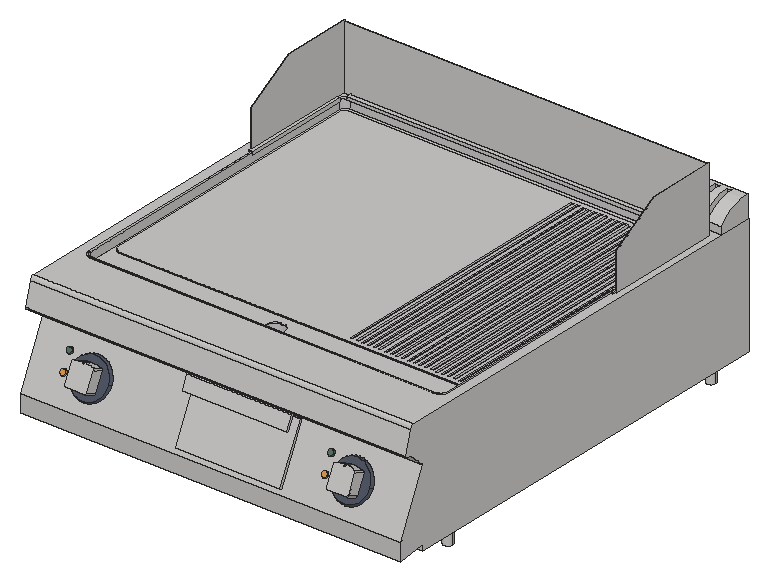
Revit family "QF_ZANUSSI_392074_Z9FTEHCP00", category Specialty Equipment, Revit 2018
Family settings
  Round Connector Dimension = Use Diameter
  Part Type = Normal
  Work Plane-Based = No
  Always vertical = Yes
  Cut with Voids When Loaded = No
  Shared = No
  Room Calculation Point = No
Parameters
  Width = 800 mm  # constant formula
  Weight in Pounds = 105  # constant formula
  Weight = 0.00 kg
  Watts = 15000 W  # constant formula
  Volts = 400 V  # constant formula
  URL Manufacturer = "http://www.zanussiprofessional.com"
  URL Cutsheet = "www.electrolux.com"
  URL = "http://www.zanussiprofessional.com"
  Type Mark [instance] = ""
  Steam Supply Size = 0"
  Steam Supply Minimum Pressure = 0.00 psi
  Steam Supply Maximum Pressure = 0.00 psi
  Steam Pounds per Hour = 0
  Status [instance] = ""
  Specification by User [instance] = ""
  Specification by Manufacturer = ""
  Show Logo [instance] = yes
  Show Clearance [instance] = yes
  Serial Number = ""
  Seismic Rating = ""
  SMACNA No = ""
  Revision Code [instance] = ""
  Refrigeration Suction Line Size = 0"
  Refrigeration Liquid Line Size = 0"
  Refrigerant Compressor Remote = yes
  Phase = 3
  Omniclass Number and Title = ""
  Number of Poles [instance] = 1
  NAFEM Spec ID Number = ""
  Model = "Z9FTEHCP00"
  Min Ckt Ampacity = 0 A
  Max Overcurrent Protection = 0 A
  Masterspec = ""
  Manufacturer = "Zanussi"
  Length Actual = 800 mm  # constant formula
  Item Number [instance] = "392074"
  Installed By [instance] = ""
  Identify Quantity as Lot [instance] = yes
  Hot Water Size = 0"
  Height Actual = 250 mm  # constant formula
  HP = "20.1 HP"
  Gas Size = 0"
  Gas KW = 0
  Gas Input = 0.0 Btu/h
  Furnished By [instance] = ""
  Foodservice Equipment Identifier [instance] = yes
  FL Amps = if(Phase = 3, Watts / (Volts * 1.73), Watts / Volts)  # 21.6763 A
  Electrical Remarks [instance] = "400 V/3N ph/50/60 Hz"  # constant formula
  Electric Connection Type [instance] = ""
  Elec Conn RI Height [instance] = 0 mm
  Elec Conn Connection Height [instance] = 0 mm
  Direct Waste Size = 0"
  Description = "EL.FRYTOP CHR.SMOOTH+RIBBED SLOPED 800MM"
  Depth Actual = 900 mm  # constant formula
  Depth = 915 mm  # constant formula
  Cycle [instance] = if([60 Hertz Option], 60 Hz, 50 Hz)  # 60 Hz
  Conn Plug = ""
  Conn Conduit = yes
  Condensate Return Size = 0"
  Compressed Air Volume = 0 GPM
  Compressed Air Size = 0"
  Compressed Air Pressure = 0.00 psi
  Cold Water Size = 0"
  CSI MasterFormat = ""
  CSI Master Format = ""
  Apparent Power = if(Phase = 3, Volts * FL Amps * 1.73, Volts * FL Amps)  # 15000 VA
  Accessory = yes
  60 Hertz Option [instance] = not([50 Hertz Option])  # yes
  50 Hertz Option [instance] = no
Reference planes
  plane 1 "BACK": y = 0
  plane 2: z = 0
  plane 3 "LEFT": x = 0
  plane 4 "RIGHT": x = 800
  plane 5 "FRONT": y = -915
  plane 6 "TOP": z = 274
  plane 7 "Center Y": x = 400
  plane 8 "Center X": y = -457.5
  plane 9: y = -1045
  plane 10: z = 24
  plane 11: z = 290
  plane 12: z = 410
  plane 13: x = 11
  plane 14: x = 789
Forms (mm)
  Extrusion 1, solid, material "QF_Finishes_Stainless Steel"
    sketch origin (0, 0, 0) x (0, 1, 0) y (0, 0, 1)
      loop
        line (0, 24) -> (0, 274) -> (-879.358, 274)
        arc (-879.358, 274) -> (-884.643, 271.811) -> (-886.833, 266.526) r 7.474
        line (-886.833, 266.526) -> (-899.884, 221.011)
        arc (-899.884, 221.011) -> (-899.396, 218.379) -> (-897, 217.184) r 3
        line (-897, 217.184) -> (-886.802, 217.184) -> (-854.982, 185.364) -> (-915, 64.508) -> (-915, 29.508) -> (-858.645, 37.428)
        arc (-858.645, 37.428) -> (-856.101, 36.674) -> (-855, 34.259) r 3.2
        line (-855, 34.259) -> (-855, 24) -> (0, 24)
    from 0 to 800
  Extrusion 2, solid, material "QF_Finishes_Stainless Steel"
    sketch origin (0, -1, 0) x (1, 0, 0) y (0, 1, 0)
      loop
        circle (11, -82) r 9.525
      loop
        circle (11, -775) r 9.525
      loop
        circle (789, -82) r 9.525
      loop
        circle (789, -775) r 9.525
    from 0 to 24
  Extrusion 3, solid, material "QF_Finishes_Stainless Steel"
    sketch origin (635, 190.152, 274) x (0, -1, 0) y (1, 0, 0)
      loop
        line (273.542, 147.97) -> (273.542, -617.97) -> (275.13, -617.97) -> (275.13, 147.97) -> (273.542, 147.97)
    from 0 to 135
  Extrusion 4, void
    sketch origin (0, 0, 274) x (0, -1, 0) y (1, 0, 0)
      loop
        arc (92.539, 37.03) -> (96.932, 26.423) -> (107.539, 22.03) r 15
        line (107.539, 22.03) -> (762.539, 22.03)
        arc (762.539, 22.03) -> (773.145, 26.423) -> (777.539, 37.03) r 15
        line (777.539, 37.03) -> (777.539, 762.97)
        arc (777.539, 762.97) -> (773.145, 773.577) -> (762.539, 777.97) r 15
        line (762.539, 777.97) -> (107.539, 777.97)
        arc (107.539, 777.97) -> (96.932, 773.577) -> (92.539, 762.97) r 15
        line (92.539, 762.97) -> (92.539, 37.03)
    from 0 to -21.588
  Sweep 5, solid, material "QF_Finishes_Stainless Steel"
    path origin (0, 0, 0) x (1, 0, 0) y (0, 1, 0)
      loop
        line (22.03, -107.539) -> (22.03, -762.539)
        arc (22.03, -762.539) -> (26.423, -773.145) -> (37.03, -777.539) r 15
        line (37.03, -777.539) -> (762.97, -777.539)
        arc (762.97, -777.539) -> (773.577, -773.145) -> (777.97, -762.539) r 15
        line (777.97, -762.539) -> (777.97, -107.539)
        arc (777.97, -107.539) -> (773.577, -96.932) -> (762.97, -92.539) r 15
        line (762.97, -92.539) -> (37.03, -92.539)
        arc (37.03, -92.539) -> (26.423, -96.932) -> (22.03, -107.539) r 15
    profile origin (22.03, -435.039, 0) x (1, 0, 0) y (0, 0, 1)
      loop
        line (0, 255) -> (1.588, 255) -> (1.588, 272.855)
        arc (1.588, 272.855) -> (1.147, 274.189) -> (0, 275) r 2.242
        line (0, 275) -> (0, 255)
  Extrusion 6, solid, material "QF_Finishes_Stainless Steel"
    sketch origin (0, 0, 0) x (1, 0, 0) y (0, 0, 1)
      loop
        line (17.03, 274.856) -> (23.926, 274.856) -> (23.926, 269.856) -> (25.514, 269.856) -> (25.514, 276.444) -> (17.03, 276.444) -> (17.03, 274.856)
      loop
        line (782.97, 274.856) -> (782.97, 276.444) -> (774.486, 276.444) -> (774.486, 269.856) -> (776.074, 269.856) -> (776.074, 274.856) -> (782.97, 274.856)
    from 105.541 to 335.39
  Extrusion 7, solid, material "QF_Finishes_Stainless Steel"
    sketch origin (0, 0, 0) x (0, 1, 0) y (0, 0, 1)
      loop
        line (-94.126, 269.856) -> (-94.126, 274.856) -> (-84.978, 274.856) -> (-84.978, 276.444) -> (-95.714, 276.444) -> (-95.714, 269.856) -> (-94.126, 269.856)
    from 32.03 to 767.97
  Extrusion 8, solid, material "QF_Finishes_Stainless Steel"
    sketch origin (0, 0, 24) x (-1, 0, 0) y (0, 1, 0)
      loop
        circle (-740, -584) r 6.35
    from 0 to 5
  Extrusion 9, solid, material "QF_Clearances", visible <- "Show Clearance", detail levels coarse
    sketch origin (0, 0, 0) x (1, 0, 0) y (0, 1, 0)
      loop
        line (0, 0) -> (800, 0) -> (800, -915) -> (900, -915) -> (900, 100) -> (-100, 100) -> (-100, -915) -> (0, -915) -> (0, 0)
    from 0 to 410
  Extrusion 10, solid, material "QF_Finishes_Stainless Steel"
    sketch origin (0, 0, 0) x (0, 1, 0) y (0, 0, 1)
      loop
        line (-777.539, 254) -> (-777.539, 252.413) -> (-92.539, 252.413) -> (-92.539, 254) -> (-777.539, 254)
    from 22.03 to 777.97
  Extrusion 11, void
    sketch origin (328.121, 0, 0) x (1, 0, 0) y (0, 1, 0)
      loop
        circle (71.879, -743.736) r 20
    from 235.859 to 256.719
  Extrusion 12, solid, material "QF_Finishes_Stainless Steel"
    sketch origin (0, 0, 0) x (0, 1, 0) y (0, 0, 1)
      loop
        line (-83.39, 410) -> (-227.89, 410) -> (-327.89, 352.265) -> (-327.89, 274) -> (-83.39, 274) -> (-83.39, 410)
    from 15.442 to 17.03
  Extrusion 13, solid, material "QF_Finishes_Stainless Steel"
    sketch origin (23.617, -107.539, 255) x (-1, 0, 0) y (0, 1, 0)
      loop
        arc (-18.413, -600) -> (-11.341, -597.071) -> (-8.413, -590) r 10
        line (-8.413, -590) -> (-8.413, -7.867)
        arc (-8.413, -7.867) -> (-11.341, -0.796) -> (-18.412, 2.133) r 10
        line (-18.412, 2.133) -> (-734.353, 2.133)
        arc (-734.353, 2.133) -> (-741.425, -0.796) -> (-744.353, -7.867) r 10
        line (-744.353, -7.867) -> (-744.353, -590)
        arc (-744.353, -590) -> (-741.425, -597.071) -> (-734.353, -600) r 10
        line (-734.353, -600) -> (-18.413, -600)
    from 0 to -2
  Extrusion 14, solid, material "QF_Finishes_Stainless Steel"
    sketch origin (800, 0, 0) x (0, 1, 0) y (0, 0, -1)
      loop
        line (-83.39, -410) -> (-83.39, -274) -> (-327.89, -274) -> (-327.89, -352.265) -> (-227.89, -410) -> (-83.39, -410)
    from 15.442 to 17.03
  Extrusion 15, solid, material "QF_Finishes_Stainless Steel"
    sketch origin (0, 0, -10.038) x (0, 1, 0) y (0, 0, 1)
      loop
        line (0, 284.038) -> (0, 331.354)
        arc (0, 331.354) -> (-38.768, 324.268) -> (-69.85, 300.038) r 82.671
        line (-69.85, 300.038) -> (-69.85, 284.038) -> (0, 284.038)
    from 0 to 400
  Extrusion 16, void
    sketch origin (0, 0, 264.6) x (0, -1, 0) y (1, 0, 0)
      loop
        line (6.761, 29.703) -> (63.911, 29.703) -> (63.911, 38.999) -> (6.761, 38.999) -> (6.761, 29.703)
      loop
        line (63.911, 64.487) -> (6.761, 64.487) -> (6.761, 55.191) -> (63.911, 55.191) -> (63.911, 64.487)
      loop
        line (63.911, 89.975) -> (6.761, 89.975) -> (6.761, 80.68) -> (63.911, 80.68) -> (63.911, 89.975)
      loop
        line (63.911, 115.464) -> (6.761, 115.464) -> (6.761, 106.168) -> (63.911, 106.168) -> (63.911, 115.464)
      loop
        line (63.911, 140.952) -> (6.761, 140.952) -> (6.761, 131.656) -> (63.911, 131.656) -> (63.911, 140.952)
      loop
        line (63.911, 166.44) -> (6.761, 166.44) -> (6.761, 157.145) -> (63.911, 157.145) -> (63.911, 166.44)
      loop
        line (63.911, 191.929) -> (6.761, 191.929) -> (6.761, 182.633) -> (63.911, 182.633) -> (63.911, 191.929)
      loop
        line (63.911, 217.417) -> (6.761, 217.417) -> (6.761, 208.121) -> (63.911, 208.121) -> (63.911, 217.417)
      loop
        line (63.911, 242.905) -> (6.761, 242.905) -> (6.761, 233.61) -> (63.911, 233.61) -> (63.911, 242.905)
      loop
        line (63.911, 268.394) -> (6.761, 268.394) -> (6.761, 259.098) -> (63.911, 259.098) -> (63.911, 268.394)
      loop
        line (63.911, 293.882) -> (6.761, 293.882) -> (6.761, 284.586) -> (63.911, 284.586) -> (63.911, 293.882)
      loop
        line (63.911, 319.37) -> (6.761, 319.37) -> (6.761, 310.075) -> (63.911, 310.075) -> (63.911, 319.37)
      loop
        line (63.911, 344.859) -> (6.761, 344.859) -> (6.761, 335.563) -> (63.911, 335.563) -> (63.911, 344.859)
      loop
        line (63.911, 370.347) -> (6.761, 370.347) -> (6.761, 361.051) -> (63.911, 361.051) -> (63.911, 370.347)
    from 25.4 to 63.5
  Extrusion 17, solid, material "QF_Finishes_Stainless Steel"
    sketch origin (800, 0, -10.038) x (0, 1, 0) y (0, 0, -1)
      loop
        line (0, -284.038) -> (-69.85, -284.038) -> (-69.85, -300.038)
        arc (-69.85, -300.038) -> (-38.626, -323.809) -> (0, -330.737) r 83.705
        line (0, -330.737) -> (0, -284.038)
    from 0 to 400
  Extrusion 18, void
    sketch origin (800, 0, 264.6) x (0, -1, 0) y (1, 0, 0)
      loop
        line (6.761, -29.703) -> (6.761, -38.999) -> (63.911, -38.999) -> (63.911, -29.703) -> (6.761, -29.703)
      loop
        line (63.911, -64.487) -> (63.911, -55.191) -> (6.761, -55.191) -> (6.761, -64.487) -> (63.911, -64.487)
      loop
        line (63.911, -89.975) -> (63.911, -80.68) -> (6.761, -80.68) -> (6.761, -89.975) -> (63.911, -89.975)
      loop
        line (63.911, -115.464) -> (63.911, -106.168) -> (6.761, -106.168) -> (6.761, -115.464) -> (63.911, -115.464)
      loop
        line (63.911, -140.952) -> (63.911, -131.656) -> (6.761, -131.656) -> (6.761, -140.952) -> (63.911, -140.952)
      loop
        line (63.911, -166.44) -> (63.911, -157.145) -> (6.761, -157.145) -> (6.761, -166.44) -> (63.911, -166.44)
      loop
        line (63.911, -191.929) -> (63.911, -182.633) -> (6.761, -182.633) -> (6.761, -191.929) -> (63.911, -191.929)
      loop
        line (63.911, -217.417) -> (63.911, -208.121) -> (6.761, -208.121) -> (6.761, -217.417) -> (63.911, -217.417)
      loop
        line (63.911, -242.905) -> (63.911, -233.61) -> (6.761, -233.61) -> (6.761, -242.905) -> (63.911, -242.905)
      loop
        line (63.911, -268.394) -> (63.911, -259.098) -> (6.761, -259.098) -> (6.761, -268.394) -> (63.911, -268.394)
      loop
        line (63.911, -293.882) -> (63.911, -284.586) -> (6.761, -284.586) -> (6.761, -293.882) -> (63.911, -293.882)
      loop
        line (63.911, -319.37) -> (63.911, -310.075) -> (6.761, -310.075) -> (6.761, -319.37) -> (63.911, -319.37)
      loop
        line (63.911, -344.859) -> (63.911, -335.563) -> (6.761, -335.563) -> (6.761, -344.859) -> (63.911, -344.859)
      loop
        line (63.911, -370.347) -> (63.911, -361.051) -> (6.761, -361.051) -> (6.761, -370.347) -> (63.911, -370.347)
    from 25.4 to 63.5
  Extrusion 19, solid, material "QF_Finishes_Stainless Steel"
    sketch origin (335, -214.132, -0.464) x (0, 1, 0) y (0, 0, 1)
      loop
        line (-640.85, 185.828) -> (-659.988, 204.966)
        arc (-659.988, 204.966) -> (-664.455, 206.368) -> (-668.159, 203.504) r 5.058
        line (-668.159, 203.504) -> (-680.821, 175.994) -> (-677.937, 174.666) -> (-665.275, 202.176)
        arc (-665.275, 202.176) -> (-663.896, 203.243) -> (-662.233, 202.721) r 1.883
        line (-662.233, 202.721) -> (-644.727, 185.215) -> (-698.248, 77.444) -> (-695.339, 76.105) -> (-640.85, 185.828)
    from -10 to 210
  Extrusion 20, solid, material "QF_Finishes_Drawer Clearance", visible <- "Show Clearance", detail levels coarse
    sketch origin (335, -315.732, -0.464) x (0, 1, 0) y (0, 0, 1)
      loop
        line (-726.181, 76.105) -> (-593.739, 76.105) -> (-539.25, 185.828) -> (-558.388, 204.966)
        arc (-558.388, 204.966) -> (-560.449, 206.215) -> (-562.855, 206.368) r 5.058
        line (-562.855, 206.368) -> (-695.296, 206.368)
        arc (-695.296, 206.368) -> (-697.5, 205.39) -> (-699, 203.504) r 5.058
        line (-699, 203.504) -> (-711.662, 175.994) -> (-708.778, 174.666) -> (-696.116, 202.176)
        arc (-696.116, 202.176) -> (-694.737, 203.243) -> (-693.074, 202.721) r 1.883
        line (-693.074, 202.721) -> (-675.569, 185.215) -> (-729.089, 77.444) -> (-726.181, 76.105)
    from -10 to 210
  Blend 21, solid, material "QF_Finishes_Navy Blue"
    base sketch origin (125, -884.991, 124.936) x (1, 0, 0) y (0, 0.444781, 0.895639)
      loop
        circle (0, 0) r 42.5
    top sketch origin (125, -884.991, 124.936) x (1, 0, 0) y (0, 0.444781, 0.895639)
      loop
        circle (0, 0) r 40.5
    from 0 to 5
  Extrusion 22, solid, material "QF_Finishes_Stainless Steel"
    sketch origin (125, -884.991, 124.936) x (1, 0, 0) y (0, 0.444781, 0.895639)
      loop
        arc (-21.147, 22.789) -> (-22.494, 21.685) -> (-23, 20.019) r 2.997
        line (-23, 20.019) -> (-23, -20.019)
        arc (-23, -20.019) -> (-22.122, -22.138) -> (-20.003, -23.016) r 2.997
        line (-20.003, -23.016) -> (20.003, -23.016)
        arc (20.003, -23.016) -> (22.122, -22.138) -> (23, -20.019) r 2.997
        line (23, -20.019) -> (23, 20.019)
        arc (23, 20.019) -> (22.494, 21.685) -> (21.147, 22.789) r 2.997
        arc (21.147, 22.789) -> (0, 26.984) -> (-21.147, 22.789) r 55.4
    from 10 to 34
  Extrusion 23, solid, material "QF_Finishes_Stainless Steel"
    sketch origin (125, -884.991, 124.936) x (1, 0, 0) y (0, 0.444781, 0.895639)
      loop
        line (17.5, 17.5) -> (-17.5, 17.5) -> (-17.5, -17.5) -> (17.5, -17.5) -> (17.5, 17.5)
    from 5 to 10
  Extrusion 24, solid, material "QF_Plastic-Black-Matte"
    sketch origin (67.5, -884.991, 124.936) x (0, 0.444781, 0.895639) y (0, 0.895639, -0.444781)
      loop
        line (26.984, -34) -> (23.984, -34) -> (23.984, -35) -> (26.984, -35)
        arc (26.984, -35) -> (27.691, -34.707) -> (27.984, -34) r 1
        line (27.984, -34) -> (27.984, -19) -> (26.984, -19) -> (26.984, -34)
    from -58.5 to -56.5
  Extrusion 25, solid, material "QF_Finishes_DarkGreen"
    sketch origin (125, -871.138, 152.831) x (1, 0, 0) y (0, 0.444781, 0.895639)
      loop
        circle (-55.001, 0) r 6
    from 0 to 1.6
  Extrusion 26, solid, material "QF_Finishes_Orange"
    sketch origin (125, -888.072, 118.733) x (1, 0, 0) y (0, 0.444781, 0.895639)
      loop
        circle (-55.001, 0) r 6
    from 0 to 1.6
  Blend 27, solid, material "QF_Finishes_Navy Blue"
    base sketch origin (675, -884.991, 124.936) x (1, 0, 0) y (0, 0.444781, 0.895639)
      loop
        circle (0, 0) r 42.5
    top sketch origin (675, -884.991, 124.936) x (1, 0, 0) y (0, 0.444781, 0.895639)
      loop
        circle (0, 0) r 40.5
    from 0 to 5
  Extrusion 28, solid, material "QF_Finishes_Stainless Steel"
    sketch origin (675, -884.991, 124.936) x (1, 0, 0) y (0, 0.444781, 0.895639)
      loop
        arc (-21.147, 22.789) -> (-22.494, 21.685) -> (-23, 20.019) r 2.997
        line (-23, 20.019) -> (-23, -20.019)
        arc (-23, -20.019) -> (-22.122, -22.138) -> (-20.003, -23.016) r 2.997
        line (-20.003, -23.016) -> (20.003, -23.016)
        arc (20.003, -23.016) -> (22.122, -22.138) -> (23, -20.019) r 2.997
        line (23, -20.019) -> (23, 20.019)
        arc (23, 20.019) -> (22.494, 21.685) -> (21.147, 22.789) r 2.997
        arc (21.147, 22.789) -> (0, 26.984) -> (-21.147, 22.789) r 55.4
    from 10 to 34
  Extrusion 29, solid, material "QF_Finishes_Stainless Steel"
    sketch origin (675, -884.991, 124.936) x (1, 0, 0) y (0, 0.444781, 0.895639)
      loop
        line (17.5, 17.5) -> (-17.5, 17.5) -> (-17.5, -17.5) -> (17.5, -17.5) -> (17.5, 17.5)
    from 5 to 10
  Extrusion 30, solid, material "QF_Plastic-Black-Matte"
    sketch origin (617.5, -884.991, 124.936) x (0, 0.444781, 0.895639) y (0, 0.895639, -0.444781)
      loop
        line (26.984, -34) -> (23.984, -34) -> (23.984, -35) -> (26.984, -35)
        arc (26.984, -35) -> (27.691, -34.707) -> (27.984, -34) r 1
        line (27.984, -34) -> (27.984, -19) -> (26.984, -19) -> (26.984, -34)
    from -58.5 to -56.5
  Extrusion 31, solid, material "QF_Finishes_DarkGreen"
    sketch origin (675, -871.138, 152.831) x (1, 0, 0) y (0, 0.444781, 0.895639)
      loop
        circle (-55.001, 0) r 6
    from 0 to 1.6
  Extrusion 32, solid, material "QF_Finishes_Orange"
    sketch origin (675, -888.072, 118.733) x (1, 0, 0) y (0, 0.444781, 0.895639)
      loop
        circle (-55.001, 0) r 6
    from 0 to 1.6
  Extrusion 33, void
    sketch origin (377.37, -686.406, 37.09) x (0, 0, 1) y (-1, 0, 0)
      loop
        line (219.91, -317) -> (219.91, -311) -> (217.91, -311.4) -> (217.91, -316.6) -> (219.91, -317)
      loop
        line (219.91, -305) -> (219.91, -299) -> (217.91, -299.4) -> (217.91, -304.6) -> (219.91, -305)
      loop
        line (219.91, -293) -> (219.91, -287) -> (217.91, -287.4) -> (217.91, -292.6) -> (219.91, -293)
      loop
        line (219.91, -281) -> (219.91, -275) -> (217.91, -275.4) -> (217.91, -280.6) -> (219.91, -281)
      loop
        line (219.91, -269) -> (219.91, -263) -> (217.91, -263.4) -> (217.91, -268.6) -> (219.91, -269)
      loop
        line (219.91, -257) -> (219.91, -251) -> (217.91, -251.4) -> (217.91, -256.6) -> (219.91, -257)
      loop
        line (219.91, -245) -> (219.91, -239) -> (217.91, -239.4) -> (217.91, -244.6) -> (219.91, -245)
      loop
        line (219.91, -233) -> (219.91, -227) -> (217.91, -227.4) -> (217.91, -232.6) -> (219.91, -233)
      loop
        line (219.91, -377) -> (219.91, -371) -> (217.91, -371.4) -> (217.91, -376.6) -> (219.91, -377)
      loop
        line (219.91, -341) -> (219.91, -335) -> (217.91, -335.4) -> (217.91, -340.6) -> (219.91, -341)
      loop
        line (219.91, -329) -> (219.91, -323) -> (217.91, -323.4) -> (217.91, -328.6) -> (219.91, -329)
      loop
        line (219.91, -389) -> (219.91, -383) -> (217.91, -383.4) -> (217.91, -388.6) -> (219.91, -389)
      loop
        line (219.91, -353) -> (219.91, -347) -> (217.91, -347.4) -> (217.91, -352.6) -> (219.91, -353)
      loop
        line (219.91, -365) -> (219.91, -359) -> (217.91, -359.4) -> (217.91, -364.6) -> (219.91, -365)
      loop
        line (219.91, -221) -> (219.91, -215) -> (217.91, -215.4) -> (217.91, -220.6) -> (219.91, -221)
      loop
        line (219.91, -209) -> (219.91, -203) -> (217.91, -203.4) -> (217.91, -208.6) -> (219.91, -209)
      loop
        line (219.91, -197) -> (219.91, -191) -> (217.91, -191.4) -> (217.91, -196.6) -> (219.91, -197)
      loop
        line (219.91, -185) -> (219.91, -179) -> (217.91, -179.4) -> (217.91, -184.6) -> (219.91, -185)
      loop
        line (219.91, -173) -> (219.91, -167) -> (217.91, -167.4) -> (217.91, -172.6) -> (219.91, -173)
      loop
        line (219.91, -161) -> (219.91, -155) -> (217.91, -155.4) -> (217.91, -160.6) -> (219.91, -161)
      loop
        line (219.91, -149) -> (219.91, -143) -> (217.91, -143.4) -> (217.91, -148.6) -> (219.91, -149)
    from 10 to -570
Cuts and joins
  Extrusion 4, Extrusion 11 cuts Extrusion 1
  Extrusion 11 cuts Extrusion 10
  joined: Extrusion 3, Extrusion 12, Extrusion 14
  Extrusion 16, Extrusion 18 cuts Extrusion 15
  Extrusion 18 cuts Extrusion 17
  Extrusion 33 cuts Extrusion 13
Lines and regions (mm)
  Split face 1
    outline origin (125, -889.469, 127.16) x (1, 0, 0) y (0, 0.444781, 0.895639)
      loop
        circle (-34, 0) r 1.5
  Split face 2
    outline origin (125, -889.469, 127.16) x (1, 0, 0) y (0, 0.444781, 0.895639)
      loop
        circle (-30.633, -14.752) r 1.5
  Split face 3
    outline origin (125, -889.469, 127.16) x (1, 0, 0) y (0, 0.444781, 0.895639)
      loop
        circle (-21.199, -26.582) r 1.5
  Split face 4
    outline origin (125, -889.469, 127.16) x (1, 0, 0) y (0, 0.444781, 0.895639)
      loop
        circle (-7.566, -33.148) r 1.5
  Split face 5
    outline origin (125, -889.469, 127.16) x (1, 0, 0) y (0, 0.444781, 0.895639)
      loop
        circle (7.566, -33.148) r 1.5
  Split face 6
    outline origin (125, -889.469, 127.16) x (1, 0, 0) y (0, 0.444781, 0.895639)
      loop
        circle (21.199, -26.582) r 1.5
  Split face 7
    outline origin (125, -889.469, 127.16) x (1, 0, 0) y (0, 0.444781, 0.895639)
      loop
        circle (30.633, -14.752) r 1.5
  Split face 8
    outline origin (125, -889.469, 127.16) x (1, 0, 0) y (0, 0.444781, 0.895639)
      loop
        circle (34, 0) r 1.5
  Split face 9
    outline origin (146.665, -886.175, 133.794) x (1, 0, 0) y (0, 0.444781, 0.895639)
      loop
        circle (-21.665, 26.582) r 1.5
  Split face 10
    outline origin (675, -889.469, 127.16) x (1, 0, 0) y (0, 0.444781, 0.895639)
      loop
        circle (-34, 0) r 1.5
  Split face 11
    outline origin (675, -889.469, 127.16) x (1, 0, 0) y (0, 0.444781, 0.895639)
      loop
        circle (-30.633, -14.752) r 1.5
  Split face 12
    outline origin (675, -889.469, 127.16) x (1, 0, 0) y (0, 0.444781, 0.895639)
      loop
        circle (-21.199, -26.582) r 1.5
  Split face 13
    outline origin (675, -889.469, 127.16) x (1, 0, 0) y (0, 0.444781, 0.895639)
      loop
        circle (-7.566, -33.148) r 1.5
  Split face 14
    outline origin (675, -889.469, 127.16) x (1, 0, 0) y (0, 0.444781, 0.895639)
      loop
        circle (7.566, -33.148) r 1.5
  Split face 15
    outline origin (675, -889.469, 127.16) x (1, 0, 0) y (0, 0.444781, 0.895639)
      loop
        circle (21.199, -26.582) r 1.5
  Split face 16
    outline origin (675, -889.469, 127.16) x (1, 0, 0) y (0, 0.444781, 0.895639)
      loop
        circle (30.633, -14.752) r 1.5
  Split face 17
    outline origin (675, -889.469, 127.16) x (1, 0, 0) y (0, 0.444781, 0.895639)
      loop
        circle (34, 0) r 1.5
  Split face 18
    outline origin (696.665, -886.175, 133.794) x (1, 0, 0) y (0, 0.444781, 0.895639)
      loop
        circle (-21.665, 26.582) r 1.5
  symbolic lines, style "QF_Clearances", visible <- "Show Clearance", detail levels coarse
    curve 1: line (900, -915, 0) -> (900, 100, 0)
    curve 2: line (900, 100, 0) -> (-100, 100, 0)
    curve 3: line (-100, 100, 0) -> (-100, -915, 0)
  symbolic lines, style "QF_Door-Drawer Clearances"
    curve 4: line (325, -915, 0) -> (325, -1045, 0)
    curve 5: line (325, -1045, 0) -> (545, -1045, 0)
    curve 6: line (545, -915, 0) -> (545, -1045, 0)
  symbolic lines
    curve 7: line (800, -915, 0) -> (800, 0, 0)
    curve 8: line (800, 0, 0) -> (0, 0, 0)
    curve 9: line (0, 0, 0) -> (0, -915, 0)
    curve 10: line (762.97, -777.539, 0) -> (37.03, -777.539, 0)
    curve 11: arc (37.03, -777.539, 0) -> (26.423, -773.145, 0) -> (22.03, -762.539, 0) r 15
    curve 12: line (22.03, -762.539, 0) -> (22.03, -327.89, 0)
    curve 13: arc (22.163, -105.541, 0) -> (25.387, -98.081, 0) -> (32.03, -93.397, 0) r 15
    curve 14: arc (767.97, -93.397, 0) -> (774.613, -98.081, 0) -> (777.837, -105.541, 0) r 15
    curve 15: line (777.97, -327.89, 0) -> (777.97, -762.539, 0)
    curve 16: arc (777.97, -762.539, 0) -> (773.577, -773.145, 0) -> (762.97, -777.539, 0) r 15
    curve 17: line (757.97, -707.539, 0) -> (42.03, -707.539, 0)
    curve 18: arc (42.03, -707.539, 0) -> (34.958, -704.61, 0) -> (32.03, -697.539, 0) r 10
    curve 19: line (32.03, -697.539, 0) -> (32.03, -115.406, 0)
    curve 20: arc (32.03, -115.406, 0) -> (34.958, -108.335, 0) -> (42.03, -105.406, 0) r 10
    curve 21: line (42.03, -105.406, 0) -> (757.97, -105.406, 0)
    curve 22: arc (757.97, -105.406, 0) -> (765.042, -108.335, 0) -> (767.97, -115.406, 0) r 10
    curve 23: line (767.97, -115.406, 0) -> (767.97, -697.539, 0)
    curve 24: arc (767.97, -697.539, 0) -> (765.042, -704.61, 0) -> (757.97, -707.539, 0) r 10
    curve 25: line (15.442, -83.39, 0) -> (15.442, -327.89, 0)
    curve 26: line (784.558, -83.39, 0) -> (15.442, -83.39, 0)
    curve 27: line (784.558, -327.89, 0) -> (784.558, -83.39, 0)
    curve 28: line (767.97, -95.714, 0) -> (767.97, -83.39, 0)
    curve 29: line (32.03, -95.714, 0) -> (767.97, -95.714, 0)
    curve 30: line (32.03, -83.39, 0) -> (32.03, -95.714, 0)
    curve 31: line (784.558, -105.541, 0) -> (774.486, -105.541, 0)
    curve 32: line (25.514, -327.89, 0) -> (25.514, -105.541, 0)
    curve 33: line (15.442, -327.89, 0) -> (25.514, -327.89, 0)
    curve 34: line (774.486, -105.541, 0) -> (774.486, -327.89, 0)
    curve 35: line (774.486, -327.89, 0) -> (784.558, -327.89, 0)
    curve 36: line (25.514, -105.541, 0) -> (15.442, -105.541, 0)
    curve 37: line (38.999, -6.761, 0) -> (38.999, -63.911, 0)
    curve 38: line (38.999, -63.911, 0) -> (29.703, -63.911, 0)
    curve 39: line (29.703, -63.911, 0) -> (29.703, -6.761, 0)
    curve 40: line (29.703, -6.761, 0) -> (38.999, -6.761, 0)
    curve 41: line (55.191, -63.911, 0) -> (55.191, -6.761, 0)
    curve 42: line (55.191, -6.761, 0) -> (64.487, -6.761, 0)
    curve 43: line (64.487, -6.761, 0) -> (64.487, -63.911, 0)
    curve 44: line (64.487, -63.911, 0) -> (55.191, -63.911, 0)
    curve 45: line (89.975, -6.761, 0) -> (89.975, -63.911, 0)
    curve 46: line (89.975, -63.911, 0) -> (80.68, -63.911, 0)
    curve 47: line (80.68, -63.911, 0) -> (80.68, -6.761, 0)
    curve 48: line (80.68, -6.761, 0) -> (89.975, -6.761, 0)
    curve 49: line (115.464, -6.761, 0) -> (115.464, -63.911, 0)
    curve 50: line (115.464, -63.911, 0) -> (106.168, -63.911, 0)
    curve 51: line (106.168, -63.911, 0) -> (106.168, -6.761, 0)
    curve 52: line (106.168, -6.761, 0) -> (115.464, -6.761, 0)
    curve 53: line (140.952, -6.761, 0) -> (140.952, -63.911, 0)
    curve 54: line (140.952, -63.911, 0) -> (131.656, -63.911, 0)
    curve 55: line (131.656, -63.911, 0) -> (131.656, -6.761, 0)
    curve 56: line (131.656, -6.761, 0) -> (140.952, -6.761, 0)
    curve 57: line (166.44, -6.761, 0) -> (166.44, -63.911, 0)
    curve 58: line (166.44, -63.911, 0) -> (157.145, -63.911, 0)
    curve 59: line (157.145, -63.911, 0) -> (157.145, -6.761, 0)
    curve 60: line (157.145, -6.761, 0) -> (166.44, -6.761, 0)
    curve 61: line (191.929, -6.761, 0) -> (191.929, -63.911, 0)
    curve 62: line (191.929, -63.911, 0) -> (182.633, -63.911, 0)
    curve 63: line (182.633, -63.911, 0) -> (182.633, -6.761, 0)
    curve 64: line (182.633, -6.761, 0) -> (191.929, -6.761, 0)
    curve 65: line (208.121, -63.911, 0) -> (208.121, -6.761, 0)
    curve 66: line (208.121, -6.761, 0) -> (217.417, -6.761, 0)
    curve 67: line (217.417, -6.761, 0) -> (217.417, -63.911, 0)
    curve 68: line (217.417, -63.911, 0) -> (208.121, -63.911, 0)
    curve 69: line (767.97, -83.39, 0) -> (767.97, -95.714, 0)
    curve 70: line (361.001, -6.761, 0) -> (361.001, -63.911, 0)
    curve 71: line (361.001, -63.911, 0) -> (370.297, -63.911, 0)
    curve 72: line (370.297, -63.911, 0) -> (370.297, -6.761, 0)
    curve 73: line (370.297, -6.761, 0) -> (361.001, -6.761, 0)
    curve 74: line (344.809, -63.911, 0) -> (344.809, -6.761, 0)
    curve 75: line (344.809, -6.761, 0) -> (335.513, -6.761, 0)
    curve 76: line (335.513, -6.761, 0) -> (335.513, -63.911, 0)
    curve 77: line (335.513, -63.911, 0) -> (344.809, -63.911, 0)
    curve 78: line (310.025, -6.761, 0) -> (310.025, -63.911, 0)
    curve 79: line (310.025, -63.911, 0) -> (319.32, -63.911, 0)
    curve 80: line (319.32, -63.911, 0) -> (319.32, -6.761, 0)
    curve 81: line (319.32, -6.761, 0) -> (310.025, -6.761, 0)
    curve 82: line (284.536, -6.761, 0) -> (284.536, -63.911, 0)
    curve 83: line (284.536, -63.911, 0) -> (293.832, -63.911, 0)
    curve 84: line (293.832, -63.911, 0) -> (293.832, -6.761, 0)
    curve 85: line (293.832, -6.761, 0) -> (284.536, -6.761, 0)
    curve 86: line (259.048, -6.761, 0) -> (259.048, -63.911, 0)
    curve 87: line (259.048, -63.911, 0) -> (268.344, -63.911, 0)
    curve 88: line (268.344, -63.911, 0) -> (268.344, -6.761, 0)
    curve 89: line (268.344, -6.761, 0) -> (259.048, -6.761, 0)
    curve 90: line (233.56, -6.761, 0) -> (233.56, -63.911, 0)
    curve 91: line (233.56, -63.911, 0) -> (242.855, -63.911, 0)
    curve 92: line (242.855, -63.911, 0) -> (242.855, -6.761, 0)
    curve 93: line (242.855, -6.761, 0) -> (233.56, -6.761, 0)
    curve 94: arc (380, -743.736, 0) -> (400, -723.736, 0) -> (420, -743.736, 0) r 20
    curve 95: arc (380, -743.736, 0) -> (400, -763.736, 0) -> (420, -743.736, 0) r 20
    curve 96: arc (777.837, -105.541, 0) -> (774.613, -98.081, 0) -> (767.97, -93.397, 0) r 15
    curve 97: arc (767.97, -115.406, 0) -> (765.042, -108.335, 0) -> (757.97, -105.406, 0) r 10
    curve 98: line (767.97, -83.39, 0) -> (767.97, -95.714, 0)
    curve 99: line (761.001, -6.761, 0) -> (761.001, -63.911, 0)
    curve 100: line (761.001, -63.911, 0) -> (770.297, -63.911, 0)
    curve 101: line (770.297, -63.911, 0) -> (770.297, -6.761, 0)
    curve 102: line (770.297, -6.761, 0) -> (761.001, -6.761, 0)
    curve 103: line (744.809, -63.911, 0) -> (744.809, -6.761, 0)
    curve 104: line (744.809, -6.761, 0) -> (735.513, -6.761, 0)
    curve 105: line (735.513, -6.761, 0) -> (735.513, -63.911, 0)
    curve 106: line (735.513, -63.911, 0) -> (744.809, -63.911, 0)
    curve 107: line (710.025, -6.761, 0) -> (710.025, -63.911, 0)
    curve 108: line (710.025, -63.911, 0) -> (719.32, -63.911, 0)
    curve 109: line (719.32, -63.911, 0) -> (719.32, -6.761, 0)
    curve 110: line (719.32, -6.761, 0) -> (710.025, -6.761, 0)
    curve 111: line (684.536, -6.761, 0) -> (684.536, -63.911, 0)
    curve 112: line (684.536, -63.911, 0) -> (693.832, -63.911, 0)
    curve 113: line (693.832, -63.911, 0) -> (693.832, -6.761, 0)
    curve 114: line (693.832, -6.761, 0) -> (684.536, -6.761, 0)
    curve 115: line (659.048, -6.761, 0) -> (659.048, -63.911, 0)
    curve 116: line (659.048, -63.911, 0) -> (668.344, -63.911, 0)
    curve 117: line (668.344, -63.911, 0) -> (668.344, -6.761, 0)
    curve 118: line (668.344, -6.761, 0) -> (659.048, -6.761, 0)
    curve 119: line (633.56, -6.761, 0) -> (633.56, -63.911, 0)
    curve 120: line (633.56, -63.911, 0) -> (642.855, -63.911, 0)
    curve 121: line (642.855, -63.911, 0) -> (642.855, -6.761, 0)
    curve 122: line (642.855, -6.761, 0) -> (633.56, -6.761, 0)
    curve 123: line (608.071, -6.761, 0) -> (608.071, -63.911, 0)
    curve 124: line (608.071, -63.911, 0) -> (617.367, -63.911, 0)
    curve 125: line (617.367, -63.911, 0) -> (617.367, -6.761, 0)
    curve 126: line (617.367, -6.761, 0) -> (608.071, -6.761, 0)
    curve 127: line (591.879, -63.911, 0) -> (591.879, -6.761, 0)
    curve 128: line (591.879, -6.761, 0) -> (582.583, -6.761, 0)
    curve 129: line (582.583, -6.761, 0) -> (582.583, -63.911, 0)
    curve 130: line (582.583, -63.911, 0) -> (591.879, -63.911, 0)
    curve 131: line (438.999, -6.761, 0) -> (438.999, -63.911, 0)
    curve 132: line (438.999, -63.911, 0) -> (429.703, -63.911, 0)
    curve 133: line (429.703, -63.911, 0) -> (429.703, -6.761, 0)
    curve 134: line (429.703, -6.761, 0) -> (438.999, -6.761, 0)
    curve 135: line (455.191, -63.911, 0) -> (455.191, -6.761, 0)
    curve 136: line (455.191, -6.761, 0) -> (464.487, -6.761, 0)
    curve 137: line (464.487, -6.761, 0) -> (464.487, -63.911, 0)
    curve 138: line (464.487, -63.911, 0) -> (455.191, -63.911, 0)
    curve 139: line (489.975, -6.761, 0) -> (489.975, -63.911, 0)
    curve 140: line (489.975, -63.911, 0) -> (480.68, -63.911, 0)
    curve 141: line (480.68, -63.911, 0) -> (480.68, -6.761, 0)
    curve 142: line (480.68, -6.761, 0) -> (489.975, -6.761, 0)
    curve 143: line (515.464, -6.761, 0) -> (515.464, -63.911, 0)
    curve 144: line (515.464, -63.911, 0) -> (506.168, -63.911, 0)
    curve 145: line (506.168, -63.911, 0) -> (506.168, -6.761, 0)
    curve 146: line (506.168, -6.761, 0) -> (515.464, -6.761, 0)
    curve 147: line (540.952, -6.761, 0) -> (540.952, -63.911, 0)
    curve 148: line (540.952, -63.911, 0) -> (531.656, -63.911, 0)
    curve 149: line (531.656, -63.911, 0) -> (531.656, -6.761, 0)
    curve 150: line (531.656, -6.761, 0) -> (540.952, -6.761, 0)
    curve 151: line (566.44, -6.761, 0) -> (566.44, -63.911, 0)
    curve 152: line (566.44, -63.911, 0) -> (557.145, -63.911, 0)
    curve 153: line (557.145, -63.911, 0) -> (557.145, -6.761, 0)
    curve 154: line (557.145, -6.761, 0) -> (566.44, -6.761, 0)
    curve 155: line (0, -69.85, 0) -> (800, -69.85, 0)
    curve 156: line (400, -69.85, 0) -> (400, 0, 0)
    curve 157: line (0, -900, 0) -> (800, -900, 0)
    curve 158: line (102, -900, 0) -> (102, -924.347, 0)
    curve 159: arc (102, -924.347, 0) -> (102.146, -924.811, 0) -> (102.532, -925.107, 0) r 0.809
    curve 160: arc (102.532, -925.107, 0) -> (103.72, -925.587, 0) -> (104.997, -925.68, 0) r 4.127
    curve 161: arc (102, -904.292, 0) -> (96.959, -902.458, 0) -> (92.191, -900, 0) r 42.24
    curve 162: arc (102, -906.539, 0) -> (102.502, -905.818, 0) -> (103.299, -905.448, 0) r 1.682
    curve 163: arc (103.299, -905.448, 0) -> (113.602, -903.95, 0) -> (124, -903.441, 0) r 109.079
    curve 164: line (124, -900, 0) -> (124, -905.671, 0)
    curve 165: line (124, -905.671, 0) -> (126, -905.671, 0)
    curve 166: line (126, -905.671, 0) -> (126, -900, 0)
    curve 167: line (148, -900, 0) -> (148, -924.347, 0)
    curve 168: arc (148, -924.347, 0) -> (147.854, -924.811, 0) -> (147.468, -925.107, 0) r 0.809
    curve 169: arc (147.468, -925.107, 0) -> (146.28, -925.587, 0) -> (145.003, -925.68, 0) r 4.127
    curve 170: arc (148, -904.292, 0) -> (153.041, -902.458, 0) -> (157.809, -900, 0) r 42.24
    curve 171: arc (148, -906.539, 0) -> (147.498, -905.818, 0) -> (146.701, -905.448, 0) r 1.682
    curve 172: arc (146.701, -905.448, 0) -> (136.398, -903.95, 0) -> (126, -903.441, 0) r 109.079
    curve 173: line (104.997, -925.68, 0) -> (145.003, -925.68, 0)
    curve 174: line (698, -900, 0) -> (698, -924.347, 0)
    curve 175: arc (698, -924.347, 0) -> (697.854, -924.811, 0) -> (697.468, -925.107, 0) r 0.809
    curve 176: arc (697.468, -925.107, 0) -> (696.28, -925.587, 0) -> (695.003, -925.68, 0) r 4.127
    curve 177: arc (698, -904.292, 0) -> (703.041, -902.458, 0) -> (707.809, -900, 0) r 42.24
    curve 178: arc (698, -906.539, 0) -> (697.498, -905.818, 0) -> (696.701, -905.448, 0) r 1.682
    curve 179: arc (696.701, -905.448, 0) -> (686.398, -903.95, 0) -> (676, -903.441, 0) r 109.079
    curve 180: line (676, -900, 0) -> (676, -905.671, 0)
    curve 181: line (676, -905.671, 0) -> (674, -905.671, 0)
    curve 182: line (674, -905.671, 0) -> (674, -900, 0)
    curve 183: line (652, -900, 0) -> (652, -924.347, 0)
    curve 184: arc (652, -924.347, 0) -> (652.146, -924.811, 0) -> (652.532, -925.107, 0) r 0.809
    curve 185: arc (652.532, -925.107, 0) -> (653.72, -925.587, 0) -> (654.997, -925.68, 0) r 4.127
    curve 186: arc (652, -904.292, 0) -> (646.959, -902.458, 0) -> (642.191, -900, 0) r 42.24
    curve 187: arc (652, -906.539, 0) -> (652.502, -905.818, 0) -> (653.299, -905.448, 0) r 1.682
    curve 188: arc (653.299, -905.448, 0) -> (663.602, -903.95, 0) -> (674, -903.441, 0) r 109.079
    curve 189: line (695.003, -925.68, 0) -> (654.997, -925.68, 0)
    curve 190: line (148, -915, 0) -> (325, -915, 0)
    curve 191: line (698, -915, 0) -> (800, -915, 0)
    curve 192: line (0, -915, 0) -> (102, -915, 0)
    curve 193: line (545, -915, 0) -> (652, -915, 0)
    curve 194: line (545, -915, 0) -> (325, -915, 0)
    curve 195: line (325, -900, 0) -> (325, -915, 0)
    curve 196: line (545, -900, 0) -> (545, -915, 0)
    curve 197: line (532.37, -696.406, 0) -> (532.37, -116.406, 0)
    curve 198: line (538.37, -116.406, 0) -> (538.37, -696.406, 0)
    curve 199: line (544.37, -696.406, 0) -> (544.37, -116.406, 0)
    curve 200: line (550.37, -116.406, 0) -> (550.37, -696.406, 0)
    curve 201: line (556.37, -696.406, 0) -> (556.37, -116.406, 0)
    curve 202: line (562.37, -116.406, 0) -> (562.37, -696.406, 0)
    curve 203: line (568.37, -696.406, 0) -> (568.37, -116.406, 0)
    curve 204: line (574.37, -116.406, 0) -> (574.37, -696.406, 0)
    curve 205: line (580.37, -696.406, 0) -> (580.37, -116.406, 0)
    curve 206: line (586.37, -116.406, 0) -> (586.37, -696.406, 0)
    curve 207: line (592.37, -696.406, 0) -> (592.37, -116.406, 0)
    curve 208: line (598.37, -116.406, 0) -> (598.37, -696.406, 0)
    curve 209: line (604.37, -696.406, 0) -> (604.37, -116.406, 0)
    curve 210: line (610.37, -116.406, 0) -> (610.37, -696.406, 0)
    curve 211: line (616.37, -696.406, 0) -> (616.37, -116.406, 0)
    curve 212: line (622.37, -116.406, 0) -> (622.37, -696.406, 0)
    curve 213: line (628.37, -696.406, 0) -> (628.37, -116.406, 0)
    curve 214: line (634.37, -116.406, 0) -> (634.37, -696.406, 0)
    curve 215: line (640.37, -696.406, 0) -> (640.37, -116.406, 0)
    curve 216: line (646.37, -116.406, 0) -> (646.37, -696.406, 0)
    curve 217: line (652.37, -696.406, 0) -> (652.37, -116.406, 0)
    curve 218: line (658.37, -116.406, 0) -> (658.37, -696.406, 0)
    curve 219: line (664.37, -696.406, 0) -> (664.37, -116.406, 0)
    curve 220: line (670.37, -116.406, 0) -> (670.37, -696.406, 0)
    curve 221: line (676.37, -696.406, 0) -> (676.37, -116.406, 0)
    curve 222: line (682.37, -116.406, 0) -> (682.37, -696.406, 0)
    curve 223: line (688.37, -696.406, 0) -> (688.37, -116.406, 0)
    curve 224: line (694.37, -116.406, 0) -> (694.37, -696.406, 0)
    curve 225: line (700.37, -696.406, 0) -> (700.37, -116.406, 0)
    curve 226: line (706.37, -116.406, 0) -> (706.37, -696.406, 0)
    curve 227: line (712.37, -696.406, 0) -> (712.37, -116.406, 0)
    curve 228: line (718.37, -116.406, 0) -> (718.37, -696.406, 0)
    curve 229: line (724.37, -696.406, 0) -> (724.37, -116.406, 0)
    curve 230: line (730.37, -116.406, 0) -> (730.37, -696.406, 0)
    curve 231: line (736.37, -696.406, 0) -> (736.37, -116.406, 0)
    curve 232: line (742.37, -116.406, 0) -> (742.37, -696.406, 0)
    curve 233: line (748.37, -696.406, 0) -> (748.37, -116.406, 0)
    curve 234: line (754.37, -116.406, 0) -> (754.37, -696.406, 0)
    curve 235: line (760.37, -696.406, 0) -> (760.37, -116.406, 0)
    curve 236: line (766.37, -116.406, 0) -> (766.37, -696.406, 0)
    curve 237: line (526.37, -116.406, 0) -> (526.37, -696.406, 0)
    curve 238: line (520.37, -696.406, 0) -> (520.37, -116.406, 0)
Dimensions and locks
  equal spacing: plane 3 "LEFT", plane 7 "Center Y", plane 4 "RIGHT"
  "Width": plane 3 "LEFT" to plane 4 "RIGHT"
  equal spacing: plane 5 "FRONT", plane 8 "Center X", plane 1 "BACK"
  "Depth": plane 5 "FRONT" to plane 1 "BACK"
  plane 6 "TOP" to level = 274 mm
  plane 1 "BACK" to plane 9 = 1045 mm  (x2)
  plane 10 to level = 24 mm  (x2)
  plane 11 to plane 10 = 266 mm
  plane 6 "TOP" to plane 10 = 250 mm  (x2)
  plane 12 to level = 410 mm  (x2)
  plane 12 to plane 10 = 386 mm
  plane 13 to plane 3 "LEFT" = 11 mm
  locked: plane 14 to plane 4 "RIGHT" at 11
  plane 1 "BACK" to plane 5 "FRONT" = 915 mm
  Extrusion 8 to plane 10 = 5 mm
  plane 1 "BACK" to Extrusion 8 = 584 mm
  plane 1 "BACK" to Extrusion 2 to Extrusion 2 to plane 5 "FRONT" = 83 mm, 693 mm, 139 mm
  plane 13 to plane 14 = 778 mm
  Extrusion 8 sketch curve to plane 4 "RIGHT" = 60 mm
  Extrusion 8 sketch curve to plane 1 "BACK" = 584 mm
  aligned and locked: level to plane 2
  aligned and locked: Extrusion 1 to plane 4 "RIGHT"
Automatic sketch dimensions
  Extrusion 1 sketch curve to plane 5 "FRONT" = 0 mm
  Extrusion 1 sketch curve to plane 6 "TOP" = 0 mm
  Extrusion 1 sketch curve to plane 10 = 0 mm
  Extrusion 1 sketch curve to plane 1 "BACK" = 0 mm
  Extrusion 1 sketch curve to plane 5 "FRONT" = 15.116 mm
  Extrusion 1 sketch curve to Extrusion 1 sketch curve = 2.884 mm
  Extrusion 1 sketch curve to plane 6 "TOP" = 7.474 mm
  Extrusion 1 sketch curve to plane 5 "FRONT" = 28.167 mm
  Extrusion 1 sketch curve to Extrusion 1 sketch curve = 10.198 mm
  plane 10 to Extrusion 1 sketch curve = 13.428 mm
  Extrusion 1 sketch curve to plane 5 "FRONT" = 56.355 mm
  Extrusion 1 sketch curve to Extrusion 1 sketch curve = 0.445 mm
  Extrusion 1 sketch curve to Extrusion 1 sketch curve = 3.2 mm
  Extrusion 1 sketch curve to Extrusion 1 sketch curve = 31.82 mm  (x2)
  plane 10 to Extrusion 1 sketch curve = 5.508 mm
  Extrusion 1 sketch curve to Extrusion 1 sketch curve = 35 mm
  Extrusion 1 sketch curve to Extrusion 1 sketch curve = 81.162 mm
  Extrusion 1 sketch curve to Extrusion 1 sketch curve = 3 mm
  Extrusion 2 sketch curve to plane 13 = 0 mm  (x2)
  Extrusion 2 sketch curve to plane 14 = 0 mm  (x2)
  Extrusion 2 sketch curve to plane 5 "FRONT" = 139 mm  (x2)
  plane 1 "BACK" to Extrusion 2 sketch curve = 83 mm  (x2)
  plane 13 to Extrusion 3 sketch curve = 6.03 mm
  plane 1 "BACK" to Extrusion 3 sketch curve = 83.39 mm
  Extrusion 3 sketch curve to Extrusion 3 sketch curve = 1.588 mm
  plane 14 to Extrusion 3 sketch curve = 6.03 mm
  plane 13 to Extrusion 4 sketch curve = 26.03 mm
  plane 1 "BACK" to Extrusion 4 sketch curve = 92.539 mm
  plane 14 to Extrusion 4 sketch curve = 11.03 mm
  Extrusion 4 sketch curve to Extrusion 4 sketch curve = 15 mm  (x3)
  Extrusion 4 sketch curve to plane 5 "FRONT" = 152.461 mm  (x2)
  plane 13 to Sweep 5 sketch curve = 11.03 mm
  Sweep 5 sketch curve to Sweep 5 sketch curve = 15 mm  (x2)
  plane 14 to Sweep 5 sketch curve = 26.03 mm  (x2)
  plane 14 to Sweep 5 sketch curve = 11.03 mm
  Sweep 5 sketch curve to plane 5 "FRONT" = 137.461 mm
  plane 1 "BACK" to Sweep 5 sketch curve = 107.539 mm
  profile plane to Sweep 5 sketch curve = 0 mm
  profile plane to Sweep 5 sketch curve = 0.655 mm
  Sweep 5 sketch curve to profile plane = 1.588 mm
  level to Sweep 5 sketch curve = 255 mm
  Sweep 5 sketch curve to Sweep 5 sketch curve = 17.855 mm
  plane 6 "TOP" to Extrusion 6 sketch curve = 0.856 mm  (x2)
  plane 13 to Extrusion 6 sketch curve = 6.03 mm
  Extrusion 6 sketch curve to plane 6 "TOP" = 4.144 mm  (x2)
  Extrusion 6 sketch curve to Extrusion 6 sketch curve = 6.896 mm
  Extrusion 6 sketch curve to Extrusion 6 sketch curve = 1.588 mm  (x3)
  plane 14 to Extrusion 6 sketch curve = 14.514 mm
  plane 6 "TOP" to Extrusion 6 sketch curve = 2.444 mm
  plane 14 to Extrusion 6 sketch curve = 6.03 mm
  plane 6 "TOP" to Extrusion 7 sketch curve = 2.444 mm
  plane 1 "BACK" to Extrusion 7 sketch curve = 95.714 mm
  Extrusion 7 sketch curve to Extrusion 7 sketch curve = 1.588 mm
  Extrusion 7 sketch curve to Extrusion 7 sketch curve = 9.149 mm
  plane 6 "TOP" to Extrusion 7 sketch curve = 0.856 mm
  Extrusion 7 sketch curve to plane 6 "TOP" = 4.144 mm
  Extrusion 10 sketch curve to plane 6 "TOP" = 21.587 mm
  Extrusion 10 sketch curve to plane 5 "FRONT" = 137.461 mm
  plane 1 "BACK" to Extrusion 10 sketch curve = 92.539 mm
  Extrusion 10 sketch curve to Extrusion 10 sketch curve = 1.587 mm
  Extrusion 11 sketch curve to plane 7 "Center Y" = 0 mm
  Extrusion 11 sketch curve to plane 5 "FRONT" = 171.264 mm
  Extrusion 12 sketch curve to plane 6 "TOP" = 0 mm
  Extrusion 12 sketch curve to plane 12 = 0 mm
  Extrusion 12 sketch curve to plane 12 = 57.735 mm
  plane 8 "Center X" to Extrusion 12 sketch curve = 129.61 mm
  Extrusion 12 sketch curve to Extrusion 12 sketch curve = 100 mm
  plane 1 "BACK" to Extrusion 12 sketch curve = 83.39 mm
  Sweep 5 to Extrusion 13 sketch curve = 8.412 mm
  Extrusion 13 sketch curve to Extrusion 13 sketch curve = 10 mm  (x2)
  Sweep 5 to Extrusion 13 sketch curve = 18.412 mm
  Sweep 5 to Extrusion 13 sketch curve = 18.413 mm
  Sweep 5 to Extrusion 13 sketch curve = 8.413 mm
  Sweep 5 to Extrusion 13 sketch curve = 11.28 mm
  Sweep 5 to Extrusion 13 sketch curve = 78.413 mm
  Extrusion 14 sketch curve to plane 6 "TOP" = 0 mm
  Extrusion 14 sketch curve to plane 12 = 0 mm
  Extrusion 14 sketch curve to plane 12 = 57.735 mm
  plane 8 "Center X" to Extrusion 14 sketch curve = 129.61 mm
  Extrusion 14 sketch curve to Extrusion 14 sketch curve = 100 mm
  plane 1 "BACK" to Extrusion 14 sketch curve = 83.39 mm
  Extrusion 15 sketch curve to plane 6 "TOP" = 0 mm
  Extrusion 15 sketch curve to plane 11 = 0 mm
  Extrusion 15 sketch curve to plane 1 "BACK" = 0 mm
  plane 1 "BACK" to Extrusion 15 sketch curve = 4.947 mm
  plane 1 "BACK" to Extrusion 15 sketch curve = 69.85 mm
  Extrusion 15 sketch curve to plane 6 "TOP" = 35.207 mm
  plane 1 "BACK" to Extrusion 16 sketch curve = 6.761 mm  (x14)
  Extrusion 16 sketch curve to Extrusion 16 sketch curve = 57.15 mm
  Extrusion 16 sketch curve to Extrusion 16 sketch curve = 0 mm  (x13)
  plane 13 to Extrusion 16 sketch curve = 18.703 mm
  Extrusion 16 sketch curve to Extrusion 16 sketch curve = 9.296 mm  (x14)
  Extrusion 16 sketch curve to Extrusion 16 sketch curve = 16.193 mm  (x13)
  Extrusion 17 sketch curve to plane 6 "TOP" = 0 mm
  Extrusion 17 sketch curve to plane 11 = 0 mm
  Extrusion 17 sketch curve to plane 1 "BACK" = 0 mm
  plane 1 "BACK" to Extrusion 17 sketch curve = 4.947 mm
  plane 1 "BACK" to Extrusion 17 sketch curve = 69.85 mm
  plane 6 "TOP" to Extrusion 17 sketch curve = 46.7 mm
  plane 1 "BACK" to Extrusion 18 sketch curve = 6.761 mm  (x14)
  Extrusion 18 sketch curve to Extrusion 18 sketch curve = 57.15 mm
  Extrusion 18 sketch curve to Extrusion 18 sketch curve = 0 mm  (x13)
  plane 7 "Center Y" to Extrusion 18 sketch curve = 29.653 mm
  Extrusion 18 sketch curve to Extrusion 18 sketch curve = 9.296 mm  (x14)
  Extrusion 18 sketch curve to Extrusion 18 sketch curve = 16.193 mm  (x13)
  Extrusion 19 sketch curve to Extrusion 19 sketch curve = 0 mm  (x2)
  Extrusion 19 sketch curve to plane 5 "FRONT" = 2.621 mm
  Extrusion 19 sketch curve to Extrusion 19 sketch curve = 2.908 mm
  Extrusion 19 sketch curve to plane 5 "FRONT" = 20.047 mm
  Extrusion 19 sketch curve to Extrusion 19 sketch curve = 2.884 mm  (x2)
  Extrusion 19 sketch curve to Extrusion 19 sketch curve = 12.662 mm
  Extrusion 19 sketch curve to Extrusion 19 sketch curve = 1.711 mm
  Extrusion 19 sketch curve to Extrusion 19 sketch curve = 1.332 mm
  Extrusion 19 sketch curve to Extrusion 19 sketch curve = 2.245 mm
  Extrusion 19 sketch curve to Extrusion 19 sketch curve = 17.505 mm
  Extrusion 19 sketch curve to Extrusion 19 sketch curve = 3.877 mm
  plane 10 to Extrusion 19 sketch curve = 51.641 mm
  Extrusion 19 sketch curve to Extrusion 19 sketch curve = 1.339 mm
  Extrusion 19 sketch curve to Extrusion 19 sketch curve = 97.223 mm
  Extrusion 19 sketch curve to Extrusion 19 sketch curve = 1.327 mm
  Extrusion 19 sketch curve to Extrusion 19 sketch curve = 16.961 mm
  Extrusion 19 sketch curve to Extrusion 19 sketch curve = 0.613 mm
  Extrusion 19 sketch curve to Extrusion 19 sketch curve = 0.787 mm
  Extrusion 20 sketch curve to Extrusion 20 sketch curve = 0 mm  (x2)
  plane 9 to Extrusion 20 sketch curve = 0.179 mm
  plane 9 to Extrusion 20 sketch curve = 3.087 mm
  plane 9 to Extrusion 20 sketch curve = 17.606 mm
  Extrusion 20 sketch curve to Extrusion 20 sketch curve = 2.884 mm  (x2)
  plane 9 to Extrusion 20 sketch curve = 30.268 mm
  Extrusion 20 sketch curve to Extrusion 20 sketch curve = 0.82 mm
  Extrusion 20 sketch curve to Extrusion 20 sketch curve = 1.711 mm
  Extrusion 20 sketch curve to Extrusion 20 sketch curve = 1.332 mm
  Extrusion 20 sketch curve to Extrusion 20 sketch curve = 17.505 mm
  Extrusion 20 sketch curve to plane 5 "FRONT" = 5.529 mm
  Extrusion 20 sketch curve to plane 5 "FRONT" = 36.413 mm
  Extrusion 20 sketch curve to Extrusion 20 sketch curve = 0.891 mm
  Extrusion 20 sketch curve to Extrusion 20 sketch curve = 4.467 mm
  Extrusion 20 sketch curve to Extrusion 20 sketch curve = 19.137 mm
  plane 10 to Extrusion 20 sketch curve = 51.641 mm
  Extrusion 20 sketch curve to Extrusion 20 sketch curve = 1.339 mm
  Extrusion 20 sketch curve to Extrusion 20 sketch curve = 97.223 mm
  Extrusion 20 sketch curve to Extrusion 20 sketch curve = 1.327 mm
  Extrusion 20 sketch curve to Extrusion 20 sketch curve = 16.961 mm
  Extrusion 20 sketch curve to plane 6 "TOP" = 88.636 mm
  Extrusion 20 sketch curve to Extrusion 20 sketch curve = 0.787 mm
  Extrusion 20 sketch curve to Extrusion 20 sketch curve = 4.979 mm
  plane 13 to Blend 21 sketch curve = 114 mm  (x2)
  plane 13 to Extrusion 22 sketch curve = 91 mm
  Extrusion 22 sketch curve to Extrusion 22 sketch curve = 2.997 mm  (x3)
  Extrusion 22 sketch curve to Extrusion 22 sketch curve = 20.003 mm  (x2)
  Extrusion 22 sketch curve to Extrusion 22 sketch curve = 40.005 mm
  Extrusion 22 sketch curve to Extrusion 22 sketch curve = 5.399 mm
  Extrusion 22 sketch curve to Extrusion 22 sketch curve = 40.037 mm
  Extrusion 22 sketch curve to Extrusion 22 sketch curve = 0 mm  (x2)
  plane 13 to Extrusion 23 sketch curve = 96.5 mm
  Extrusion 23 sketch curve to Extrusion 23 sketch curve = 35 mm  (x2)
  Extrusion 24 sketch curve to plane 5 "FRONT" = 9.329 mm
  Extrusion 24 sketch curve to plane 6 "TOP" = 112.016 mm
  Extrusion 24 sketch curve to Extrusion 24 sketch curve = 3 mm
  Extrusion 24 sketch curve to Extrusion 24 sketch curve = 0 mm
  Extrusion 24 sketch curve to Extrusion 24 sketch curve = 1 mm  (x2)
  Extrusion 24 sketch curve to Extrusion 24 sketch curve = 15 mm
  plane 13 to Extrusion 25 sketch curve = 58.999 mm
  plane 13 to Extrusion 26 sketch curve = 58.999 mm
  plane 14 to Blend 27 sketch curve = 114 mm  (x2)
  plane 14 to Extrusion 28 sketch curve = 137 mm
  Extrusion 28 sketch curve to Extrusion 28 sketch curve = 2.997 mm  (x3)
  Extrusion 28 sketch curve to Extrusion 28 sketch curve = 20.003 mm  (x2)
  Extrusion 28 sketch curve to Extrusion 28 sketch curve = 40.005 mm
  Extrusion 28 sketch curve to Extrusion 28 sketch curve = 5.399 mm
  Extrusion 28 sketch curve to Extrusion 28 sketch curve = 40.037 mm
  Extrusion 28 sketch curve to Extrusion 28 sketch curve = 0 mm  (x2)
  plane 14 to Extrusion 29 sketch curve = 131.5 mm
  Extrusion 29 sketch curve to Extrusion 29 sketch curve = 35 mm  (x2)
  Extrusion 30 sketch curve to plane 5 "FRONT" = 9.329 mm
  Extrusion 30 sketch curve to plane 6 "TOP" = 112.016 mm
  Extrusion 30 sketch curve to Extrusion 30 sketch curve = 3 mm
  Extrusion 30 sketch curve to Extrusion 30 sketch curve = 0 mm
  Extrusion 30 sketch curve to Extrusion 30 sketch curve = 1 mm  (x2)
  Extrusion 30 sketch curve to Extrusion 30 sketch curve = 15 mm
  plane 14 to Extrusion 31 sketch curve = 169.001 mm
  plane 14 to Extrusion 32 sketch curve = 169.001 mm
  Extrusion 33 sketch curve to plane 6 "TOP" = 19 mm  (x3)
  Extrusion 33 sketch curve to Extrusion 33 sketch curve = 0 mm  (x18)
  Extrusion 33 sketch curve to Extrusion 33 sketch curve = 2 mm  (x21)
  plane 14 to Extrusion 33 sketch curve = 22.63 mm
  Extrusion 33 sketch curve to Extrusion 33 sketch curve = 0.4 mm  (x42)
  Extrusion 33 sketch curve to Extrusion 33 sketch curve = 5.2 mm  (x21)
  Extrusion 33 sketch curve to Extrusion 33 sketch curve = 6 mm  (x20)
  curve 14 to curve 96 = 0 mm  (x3)
  curve 22 to curve 97 = 0 mm  (x2)
  curve 94 to curve 95 = 0 mm  (x2)
  plane 5 "FRONT" to curve 3 = 0 mm
  curve 157 to plane 3 "LEFT" = 0 mm
  plane 5 "FRONT" to curve 192 = 0 mm
  plane 5 "FRONT" to curve 190 = 0 mm
  curve 5 to plane 9 = 0 mm
  plane 5 "FRONT" to curve 194 = 0 mm
  curve 156 to plane 7 "Center Y" = 0 mm
  curve 94 to plane 7 "Center Y" = 0 mm
  plane 5 "FRONT" to curve 6 = 0 mm
  plane 5 "FRONT" to curve 191 = 0 mm
  curve 191 to plane 4 "RIGHT" = 0 mm
  plane 5 "FRONT" to curve 1 = 0 mm
  plane 1 "BACK" to curve 156 = 0 mm
  curve 2 to plane 3 "LEFT" = 100 mm
  plane 13 to curve 26 = 4.442 mm
  plane 13 to curve 12 = 11.03 mm
  curve 36 to curve 32 = 10.072 mm
  plane 1 "BACK" to curve 39 = 6.761 mm
  plane 13 to curve 39 = 18.703 mm
  plane 13 to curve 19 = 21.03 mm
  curve 32 to curve 29 = 6.516 mm
  curve 11 to curve 11 = 15 mm
  curve 20 to curve 13 = 5 mm
  curve 38 to curve 38 = 9.296 mm
  curve 13 to curve 20 = 5 mm
  curve 19 to curve 17 = 10 mm
  plane 1 "BACK" to curve 42 = 6.761 mm
  curve 37 to curve 42 = 16.193 mm
  curve 41 to curve 42 = 9.296 mm
  plane 1 "BACK" to curve 48 = 6.761 mm
  curve 42 to curve 48 = 16.193 mm
  curve 46 to curve 46 = 9.296 mm
  plane 5 "FRONT" to curve 158 = 9.347 mm
  plane 13 to curve 158 = 91 mm
  curve 158 to curve 159 = 0.809 mm
  curve 162 to curve 162 = 1.583 mm
  curve 159 to curve 160 = 1.846 mm
  curve 159 to curve 173 = 2.189 mm
  curve 45 to curve 51 = 16.193 mm
  curve 158 to curve 161 = 11.892 mm
  curve 51 to curve 52 = 9.296 mm
  curve 164 to plane 5 "FRONT" = 9.329 mm
  curve 162 to curve 164 = 20.417 mm
  curve 173 to curve 163 = 19.134 mm
  curve 163 to curve 172 = 1.738 mm
  curve 164 to curve 166 = 2 mm
  curve 49 to curve 55 = 16.193 mm
  curve 161 to curve 170 = 22.215 mm
  curve 55 to curve 53 = 9.296 mm
  curve 165 to curve 173 = 19.003 mm
  curve 169 to curve 169 = 0.343 mm
  curve 169 to curve 171 = 1.071 mm
  curve 173 to curve 168 = 2.189 mm
  curve 168 to curve 167 = 0.809 mm
  curve 53 to curve 58 = 16.193 mm
  curve 59 to curve 57 = 9.296 mm
  curve 57 to curve 63 = 16.193 mm
  curve 63 to curve 64 = 9.296 mm
